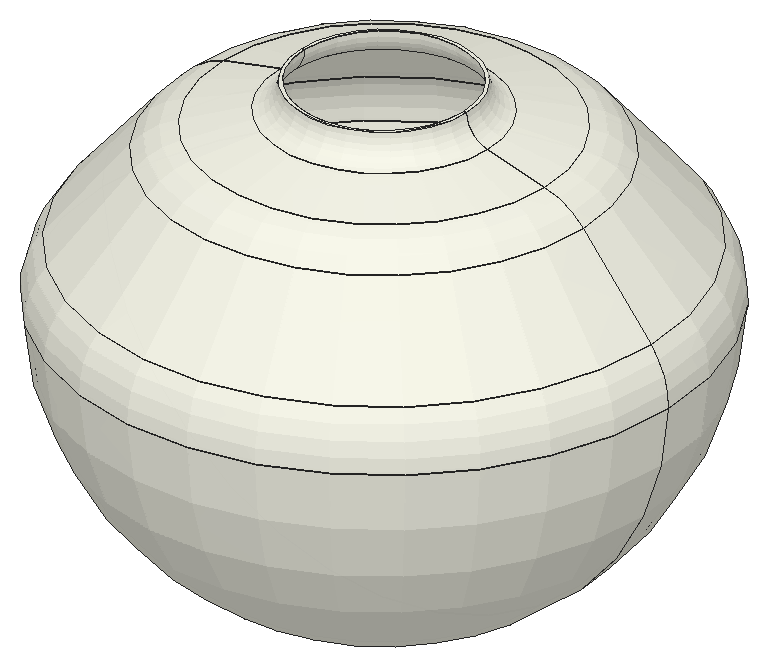
Revit family "SOB16", category Generic Models, Revit 2024
Family settings
  Can host rebar = No
  Round Connector Dimension = Use Diameter
  Part Type = Normal
  Work Plane-Based = No
  Always vertical = Yes
  Cut with Voids When Loaded = No
  Maintain Annotation Orientation = No
  Shared = No
  Room Calculation Point = No
Parameters
  Default Elevation = 0' - 0"
Reference planes (in)
  plane 1 "Center (Front/Back)": y = 0
  plane 2: z = 0
  plane 3 "Center (Left/Right)": x = 0
Forms (in)
  Revolve 1, solid, material "OPAL"
    sketch origin (0, 0, 0) x (1, 0, 0) y (0, 0, 1)
      loop
        line (2.32111, 42.45291) -> (2.22733, 42.45291)
        arc (2.22733, 42.45291) -> (2.41961, 41.93619) -> (2.88913, 41.6472) r 0.84722
        line (2.88913, 41.6472) -> (4.50281, 41.2685)
        arc (4.50281, 41.2685) -> (5.06531, 41.0281) -> (5.52794, 40.62789) r 1.98578
        line (5.52794, 40.62789) -> (7.43649, 38.37565)
        arc (7.43649, 38.37565) -> (7.80036, 37.7347) -> (7.9054, 37.00519) r 1.98578
        arc (7.9054, 37.00519) -> (5.47183, 31.63445) -> (0, 29.4376) r 7.91293
        line (0, 29.4376) -> (0, 29.34385)
        arc (0, 29.34385) -> (5.53666, 31.56673) -> (7.99906, 37.00109) r 8.00668
        arc (7.99906, 37.00109) -> (7.88906, 37.76505) -> (7.50802, 38.43626) r 2.07953
        line (7.50802, 38.43626) -> (5.59946, 40.6885)
        arc (5.59946, 40.6885) -> (5.11461, 41.10784) -> (4.52507, 41.35957) r 2.07953
        line (4.52507, 41.35957) -> (2.91007, 41.73858)
        arc (2.91007, 41.73858) -> (2.49294, 41.99462) -> (2.32111, 42.45291) r 0.75347
      axis (0, 42.45291) -> (0, 29.34385)
    angle from 0 to 360
Dimensions and locks (in)
  aligned and locked: plane 2 to level
